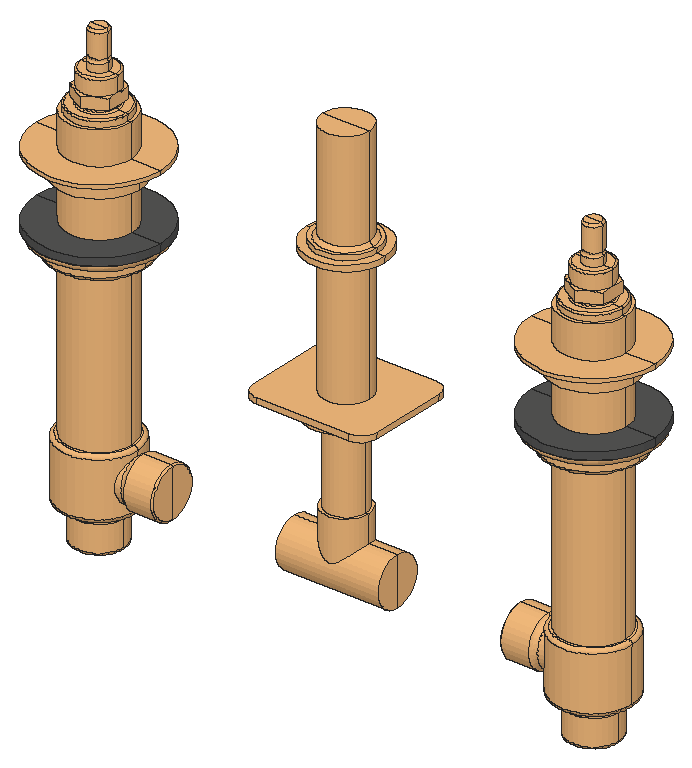
Revit family "Bath-Valves_and_Controls-KOHLER-K-300", category Plumbing Fixtures, host Face, Revit 2015
Parameters (values of type "OD Supplied By Installer")
  Width = 8"  # constant formula
  Waste Water Outlet = "Waste Water Outlet"  # constant formula
  Waste Connection = 1 = 0  # no
  Vent Connection = 1 = 0  # no
  URL = "https://www.us.kohler.com/us/"
  Type = 1
  Rigid Connections = Type = 2  # no
  Product Page URL = "http://www.us.kohler.com/us/catalog/productDetails.jsp?productNumber=300-K"
  Product Name = "High Flow"  # constant formula
  Product Documentation Link = "https://www.us.kohler.com/webassets/kpna/catalog/pdf/en/K-300-K_spec.pdf"
  Pressure = 0.00 psi
  Model = if(Type = 1, "K-300-K-NA", if(Type = 2, "K-300-KR-NA", "NA"))  # "K-300-K-NA"
  Material = "Brass construction"  # constant formula
  MasterFormat 2004 = "22.11.00"  # constant formula
  MasterFormat 1995 = "154300"  # constant formula
  Manufacturer Address = "444 Highland Dr, Kohler, WI 53044"  # constant formula
  Manufacturer = "KOHLER Co."  # constant formula
  Length = 7 7/16"  # constant formula
  Hot Water Inlet = "Hot Water Inlet"  # constant formula
  Height = 2"  # constant formula
  HW Connection = 1 = 1  # yes
  Flow Rate = if(Type = 1, 17 GPM, 0 GPM)  # 17 GPM
  Finish = Kohler-Metal-Brass
  Environmental Product Declaration = ""
  Description = if(Type = 1, "½ Inch ceramic high-flow valve system", if(Type = 2, "½ Inch ceramic high-flow valve with rigid connections", "NA"))  # "½ Inch ceramic high-flow valve system"
  Default Elevation = 36"
  Declare Label = ""
  Date Modified = "01/22/2019"  # constant formula
  Date Created = "01/22/2019"  # constant formula
  Copyright = "Copyright KOHLER Co."  # constant formula
  Contact Us = "https://www.us.kohler.com/us/static/contact.jsp"
  Cold Water Inlet = "Cold Water Inlet"  # constant formula
  CW Connection = 1 = 1  # yes
  Assembly Code = "D2020"
  ADA Compliant = 1 = 0  # no
Reference planes (in)
  plane 1 "Center (Front/Back)": y = 0
  plane 2: z = 0
  plane 3 "Center (Left/Right)": x = 0
  plane 4: x = 4
  plane 5: x = -4
  plane 6: y = 1
  plane 7: y = -1
  plane 8: z = -5.625
  plane 9: z = -1
  plane 10: z = 1.8125
Forms (in)
  Extrusion 1, void
    sketch origin (0, 0, 0) x (1, 0, 0) y (0, 1, 0)
      loop
        circle (0, 0) r 0.44867
      loop
        circle (-4, 0) r 0.69389
      loop
        circle (4, 0) r 0.69531
    from -0.24597 to 0.31144
  Extrusion 2, void
    sketch origin (0, 0, 0) x (1, 0, 0) y (0, 1, 0)
      loop
        circle (-4, 0) r 1.2832
      loop
        circle (4, 0) r 1.2832
      loop
        line (0.75781, 1.00781) -> (-0.75781, 1.00781)
        arc (-0.75781, 1.00781) -> (-0.93459, 0.93459) -> (-1.00781, 0.75781) r 0.25
        line (-1.00781, 0.75781) -> (-1.00781, -0.76563)
        arc (-1.00781, -0.76563) -> (-0.93459, -0.9424) -> (-0.75781, -1.01563) r 0.25
        line (-0.75781, -1.01563) -> (0.75781, -1.01563)
        arc (0.75781, -1.01563) -> (0.93459, -0.9424) -> (1.00781, -0.76562) r 0.25
        line (1.00781, -0.76562) -> (1.00781, 0.75781)
        arc (1.00781, 0.75781) -> (0.93459, 0.93459) -> (0.75781, 1.00781) r 0.25
    from -5.578 to -0.22175
  Extrusion 3, void
    sketch origin (0, 0, 0) x (0, 1, 0) y (0, 0, 1)
      loop
        circle (0, -4.589) r 0.4197
    from -4.99706 to 5.05336
Dimensions and locks (in)
  plane 2 to plane 9 = 1"
  equal spacing: plane 6, plane 1 "Center (Front/Back)", plane 7
  "Width": plane 4 to plane 5
  equal spacing: plane 4, plane 3 "Center (Left/Right)", plane 5
  plane 9 to plane 2 = 1"
  locked: plane 10 to plane 2 at 1.8125
  "Length": plane 10 to plane 8
  "Height": plane 6 to plane 7
  aligned and locked: plane 2 to host face
  aligned and locked: level to host face
Automatic sketch dimensions
  host sketch curve to host sketch curve = 96"  (x2)
  plane 1 "Center (Front/Back)" to Extrusion 2 sketch curve = 0"  (x2)
  Extrusion 2 sketch curve to plane 5 = 0"
  Extrusion 2 sketch curve to plane 4 = 0"
  Extrusion 2 sketch curve to plane 3 "Center (Left/Right)" = 1 1/128"
  Extrusion 2 sketch curve to Extrusion 2 sketch curve = 1/4"  (x3)
  plane 3 "Center (Left/Right)" to Extrusion 2 sketch curve = 97/128"  (x2)
  plane 1 "Center (Front/Back)" to Extrusion 2 sketch curve = 49/64"
  Extrusion 2 sketch curve to plane 1 "Center (Front/Back)" = 97/128"
  Extrusion 3 sketch curve to plane 1 "Center (Front/Back)" = 0"
  plane 8 to Extrusion 3 sketch curve = 1.036"
  plane 1 "Center (Front/Back)" to Extrusion 1 sketch curve = 0"  (x3)
  Extrusion 1 sketch curve to plane 5 = 0"
  Extrusion 1 sketch curve to plane 3 "Center (Left/Right)" = 0"
  Extrusion 1 sketch curve to plane 4 = 0"
  radius of Extrusion 2 sketch curve = 1.2832"  (x2)
  radius of Extrusion 3 sketch curve = 0.4197"
  radius of Extrusion 1 sketch curve = 0.44867"
  radius of Extrusion 1 sketch curve = 0.69389"
  radius of Extrusion 1 sketch curve = 89/128"
Nested families (in)
  nested 1: "K-300" at (0, 0, -5.578), type "K-300"
Connectors (in)
  piping at (-4, 0, -5.60607), diameter 0.625, driven by "Flow Rate", driven by "HW Connection", driven by "Hot Water Inlet"
    settings: on nested 1, index 1, connector inside diameter 24", connector length 0", flow factor 0, pipe flow 17 GPM, pressure drop 0.00 psi, fitting loss kfactor 0, connector angle 0.00°, fixture units 0, engagement length 0", angle of deflection 0.00°, flow configuration 1, flow direction 1, fitting loss method 0, system type 19, joint type 0, gender type 0, connector reference index -1, connector utility 1, adjustable connector no, is connector primary yes, connector description "Hot Water Inlet"
  piping at (4, 0, -5.60607), diameter 0.625, driven by "Flow Rate", driven by "CW Connection", driven by "Cold Water Inlet"
    settings: on nested 1, index 2, connector inside diameter 24", connector length 0", flow factor 0, pipe flow 17 GPM, pressure drop 0.00 psi, fitting loss kfactor 0, connector angle 0.00°, fixture units 0, engagement length 0", angle of deflection 0.00°, flow configuration 1, flow direction 1, fitting loss method 0, system type 20, joint type 0, gender type 0, connector reference index -1, connector utility 1, adjustable connector no, is connector primary no, connector description "Cold Water Inlet"
Definition of nested family "K-300"
  Parameters (values of type "K-300")
    Valve Material = none
    Rigid Connections = yes
  Reference planes (in)
    plane 1 "Center (Front/Back)": y = 0
    plane 2: z = 0
    plane 3 "Center (Left/Right)": x = 0
    plane 4: x = 4
    plane 5: x = -4
    plane 6: y = 1
    plane 7: z = 7.3905
    plane 8: z = 5.578
    plane 9: z = 2.61
    plane 10: z = 4.578
    plane 11: x = -0.63
    plane 12: x = 0.63
    plane 13: z = -0.0595
    plane 14: y = -1
  Forms (in)
    Revolve 1, solid, material <- "Valve Material", detail levels medium+fine
      sketch origin (0, 0, -0.00891) x (1, 0, 0) y (0, 0, 1)
        loop
          line (-3.80997, 1.036) -> (-2.807, 1.036) -> (-2.807, 1.4163) -> (-2.8317, 1.441) -> (-3.27287, 1.441)
          arc (-3.27287, 1.441) -> (-3.31349, 1.40038) -> (-3.36897, 1.38551) r 0.11097
          line (-3.36897, 1.38551) -> (-3.80997, 1.38551) -> (-3.80997, 1.036)
        loop
          line (-0.83, 1.036) -> (0.83, 1.036) -> (0.83, 1.42225) -> (-0.83, 1.42225) -> (-0.83, 1.036)
        loop
          line (3.80997, 1.38551) -> (3.36897, 1.38551)
          arc (3.36897, 1.38551) -> (3.31349, 1.40038) -> (3.27287, 1.441) r 0.11097
          line (3.27287, 1.441) -> (2.8317, 1.441) -> (2.807, 1.4163) -> (2.807, 1.036) -> (3.80997, 1.036) -> (3.80997, 1.38551)
        axis (-3.80997, 1.036) -> (3.80997, 1.036)
      angle from 0 to 360
    Extrusion 2, solid, material <- "Valve Material"
      sketch origin (0, 0.125, 0) x (1, 0, 0) y (0, 1, 0)
        loop
          line (1, -0.75) -> (1, 0.5)
          arc (1, 0.5) -> (0.92678, 0.67678) -> (0.75, 0.75) r 0.25
          line (0.75, 0.75) -> (-0.75, 0.75)
          arc (-0.75, 0.75) -> (-0.92678, 0.67678) -> (-1, 0.5) r 0.25
          line (-1, 0.5) -> (-1, -0.75)
          arc (-1, -0.75) -> (-0.92678, -0.92678) -> (-0.75, -1) r 0.25
          line (-0.75, -1) -> (0.75, -1)
          arc (0.75, -1) -> (0.92678, -0.92678) -> (1, -0.75) r 0.25
      from 3.427 to 3.517
    Extrusion 3, void
      sketch origin (0, 0, 0) x (1, 0, 0) y (0, 1, 0)
        loop
          line (-4.3225, 0.1862) -> (-4.3225, -0.1862) -> (-4, -0.37239) -> (-3.6775, -0.1862) -> (-3.6775, 0.1862) -> (-4, 0.37239) -> (-4.3225, 0.1862)
        loop
          circle (4, 0) r 0.46962
        loop
          circle (-4, 0) r 0.46962
        loop
          line (4.3225, 0.1862) -> (4, 0.37239) -> (3.6775, 0.1862) -> (3.6775, -0.1862) -> (4, -0.37239) -> (4.3225, -0.1862) -> (4.3225, 0.1862)
      from 6.29486 to 6.61544
    Revolve 4, solid, detail levels medium+fine
      sketch origin (0, 0, 0) x (-1, 0, 0) y (0, 0, 1)
        loop
          line (-5.00007, 4.578) -> (-5.00007, 4.4583) -> (-4, 4.4583) -> (-4, 4.578) -> (-5.00007, 4.578)
        axis (-4, 4.578) -> (-4, 4.4583)
      angle from 0 to 360
    Revolve 5, solid, material <- "Valve Material", detail levels medium+fine
      sketch origin (0, 0, 0) x (-1, 0, 0) y (0, 0, 1)
        loop
          line (-4, -0.02807) -> (-4, 7.3905) -> (-4.125, 7.3905) -> (-4.14948, 7.3481) -> (-4.14948, 6.97497)
          arc (-4.14948, 6.97497) -> (-4.13863, 6.93887) -> (-4.15874, 6.907) r 0.04546
          line (-4.15874, 6.907) -> (-4.15874, 6.7875) -> (-4.28166, 6.7875)
          arc (-4.28166, 6.7875) -> (-4.29966, 6.78005) -> (-4.30711, 6.76205) r 0.02545
          line (-4.30711, 6.76205) -> (-4.30711, 6.53299)
          arc (-4.30711, 6.53299) -> (-4.36076, 6.52422) -> (-4.41296, 6.50903) r 0.44919
          line (-4.41296, 6.50903) -> (-4.41296, 6.35829) -> (-4.29494, 6.34171) -> (-4.29494, 6.30004)
          arc (-4.29494, 6.30004) -> (-4.30125, 6.28481) -> (-4.31648, 6.2785) r 0.02154
          line (-4.31648, 6.2785) -> (-4.4482, 6.2785)
          arc (-4.4482, 6.2785) -> (-4.46245, 6.2726) -> (-4.46835, 6.25834) r 0.02016
          line (-4.46835, 6.25834) -> (-4.46835, 6.1685) -> (-4.52745, 6.1685) -> (-4.52745, 5.638) -> (-5, 5.638) -> (-5, 5.578) -> (-4.69548, 5.578)
          arc (-4.69548, 5.578) -> (-4.6678, 5.56653) -> (-4.65633, 5.53885) r 0.03915
          line (-4.65633, 5.53885) -> (-4.65633, 5.238) -> (-4.52745, 5.238) -> (-4.52745, 4.458) -> (-4.92397, 4.458) -> (-4.93796, 4.428) -> (-4.97, 4.428)
          arc (-4.97, 4.428) -> (-4.94429, 4.36455) -> (-4.88111, 4.3382) r 0.08889
          line (-4.88111, 4.3382) -> (-4.77972, 4.3382)
          arc (-4.77972, 4.3382) -> (-4.76191, 4.33082) -> (-4.75454, 4.31301) r 0.02519
          line (-4.75454, 4.31301) -> (-4.75454, 4.14415)
          arc (-4.75454, 4.14415) -> (-4.74688, 4.12566) -> (-4.72838, 4.118) r 0.02615
          line (-4.72838, 4.118) -> (-4.52814, 4.118) -> (-4.52814, 1.49697) -> (-4.56609, 1.49697)
          arc (-4.56609, 1.49697) -> (-4.60774, 1.47971) -> (-4.625, 1.43806) r 0.0589
          line (-4.625, 1.43806) -> (-4.625, 0.57613)
          arc (-4.625, 0.57613) -> (-4.60552, 0.53362) -> (-4.56062, 0.52061) r 0.05613
          arc (-4.56062, 0.52061) -> (-4.45175, 0.48906) -> (-4.40454, 0.38601) r 0.13608
          line (-4.40454, 0.38601) -> (-4.40454, -0.03805)
          arc (-4.40454, -0.03805) -> (-4.39826, -0.05322) -> (-4.38309, -0.0595) r 0.02145
          line (-4.38309, -0.0595) -> (-4.27476, -0.0595) -> (-4.27476, -0.02807) -> (-4, -0.02807)
        axis (-4, 7.3905) -> (-4, -0.0595)
      angle from 0 to 360
    Revolve 6, solid, material <- "Valve Material", detail levels coarse
      sketch origin (0, 0, 0) x (1, 0, 0) y (0, 0, 1)
        loop
          line (0, 7.3905) -> (0, 0.96037) -> (0.43445, 0.96037) -> (0.43445, 3.1882) -> (0.61411, 3.1882) -> (0.61411, 3.427) -> (0.43445, 3.427) -> (0.43445, 5.578) -> (0.63, 5.578) -> (0.63, 5.80359) -> (0.37501, 5.80359) -> (0.37501, 7.3905) -> (0, 7.3905)
        axis (0, 7.3905) -> (0, 0.96037)
      angle from 0 to 360
    Revolve 7, solid, material <- "Valve Material", detail levels coarse
      sketch origin (0, 0, -0.00903) x (1, 0, 0) y (0, 0, 1)
        loop
          line (-3.6775, 1.036) -> (-2.807, 1.036) -> (-2.807, 1.44224) -> (-3.6775, 1.44224) -> (-3.6775, 1.036)
        loop
          line (3.6775, 1.44224) -> (2.807, 1.44224) -> (2.807, 1.036) -> (3.6775, 1.036) -> (3.6775, 1.44224)
        loop
          line (0.83, 1.036) -> (0.83, 1.44224) -> (0.0725, 1.44224) -> (-0.83, 1.44224) -> (-0.83, 1.036) -> (-0.02017, 1.036) -> (0.83, 1.036)
        axis (-3.6775, 1.036) -> (3.6775, 1.036)
      angle from 0 to 360
    Revolve 8, solid, material <- "Valve Material", detail levels medium+fine
      sketch origin (0, 0, 0) x (1, 0, 0) y (0, 0, 1)
        loop
          line (0, 7.3905) -> (0, 0.93306) -> (0.36, 0.93306) -> (0.36, 1.837) -> (0.3125, 1.837) -> (0.3125, 3.1882) -> (0.61351, 3.1882) -> (0.61351, 3.427) -> (0.375, 3.427) -> (0.375, 5.578) -> (0.63, 5.578) -> (0.63, 5.668) -> (0.5, 5.668) -> (0.5, 5.743) -> (0.43585, 5.743) -> (0.375, 5.80385) -> (0.375, 7.3905) -> (0, 7.3905)
        axis (0, 7.3905) -> (0, 0.93306)
      angle from 0 to 360
    Revolve 9, solid, detail levels medium+fine
      sketch origin (0, 0, 0) x (1, 0, 0) y (0, 0, 1)
        loop
          line (-5.00007, 4.578) -> (-5.00007, 4.4583) -> (-4, 4.4583) -> (-4, 4.578) -> (-5.00007, 4.578)
        axis (-4, 4.578) -> (-4, 4.4583)
      angle from 0 to 360
    Revolve 10, solid, material <- "Valve Material", detail levels medium+fine
      sketch origin (0, 0, 0) x (1, 0, 0) y (0, 0, 1)
        loop
          line (-4, -0.02807) -> (-4, 7.3905) -> (-4.125, 7.3905) -> (-4.14948, 7.3481) -> (-4.14948, 6.97497)
          arc (-4.14948, 6.97497) -> (-4.13863, 6.93887) -> (-4.15874, 6.907) r 0.04546
          line (-4.15874, 6.907) -> (-4.15874, 6.7875) -> (-4.28166, 6.7875)
          arc (-4.28166, 6.7875) -> (-4.29966, 6.78005) -> (-4.30711, 6.76205) r 0.02545
          line (-4.30711, 6.76205) -> (-4.30711, 6.53299)
          arc (-4.30711, 6.53299) -> (-4.36076, 6.52422) -> (-4.41296, 6.50903) r 0.44919
          line (-4.41296, 6.50903) -> (-4.41296, 6.35829) -> (-4.29494, 6.34171) -> (-4.29494, 6.30004)
          arc (-4.29494, 6.30004) -> (-4.30125, 6.28481) -> (-4.31648, 6.2785) r 0.02154
          line (-4.31648, 6.2785) -> (-4.4482, 6.2785)
          arc (-4.4482, 6.2785) -> (-4.46245, 6.2726) -> (-4.46835, 6.25834) r 0.02016
          line (-4.46835, 6.25834) -> (-4.46835, 6.1685) -> (-4.52745, 6.1685) -> (-4.52745, 5.638) -> (-5, 5.638) -> (-5, 5.578) -> (-4.69548, 5.578)
          arc (-4.69548, 5.578) -> (-4.6678, 5.56653) -> (-4.65633, 5.53885) r 0.03915
          line (-4.65633, 5.53885) -> (-4.65633, 5.238) -> (-4.52745, 5.238) -> (-4.52745, 4.458) -> (-4.92397, 4.458) -> (-4.93796, 4.428) -> (-4.97, 4.428)
          arc (-4.97, 4.428) -> (-4.94429, 4.36455) -> (-4.88111, 4.3382) r 0.08889
          line (-4.88111, 4.3382) -> (-4.77972, 4.3382)
          arc (-4.77972, 4.3382) -> (-4.76191, 4.33082) -> (-4.75454, 4.31301) r 0.02519
          line (-4.75454, 4.31301) -> (-4.75454, 4.14415)
          arc (-4.75454, 4.14415) -> (-4.74688, 4.12566) -> (-4.72838, 4.118) r 0.02615
          line (-4.72838, 4.118) -> (-4.52814, 4.118) -> (-4.52814, 1.49697) -> (-4.56609, 1.49697)
          arc (-4.56609, 1.49697) -> (-4.60774, 1.47971) -> (-4.625, 1.43806) r 0.0589
          line (-4.625, 1.43806) -> (-4.625, 0.57613)
          arc (-4.625, 0.57613) -> (-4.60552, 0.53362) -> (-4.56062, 0.52061) r 0.05613
          arc (-4.56062, 0.52061) -> (-4.45175, 0.48906) -> (-4.40454, 0.38601) r 0.13608
          line (-4.40454, 0.38601) -> (-4.40454, -0.03805)
          arc (-4.40454, -0.03805) -> (-4.39826, -0.05322) -> (-4.38309, -0.0595) r 0.02145
          line (-4.38309, -0.0595) -> (-4.27476, -0.0595) -> (-4.27476, -0.02807) -> (-4, -0.02807)
        axis (-4, 7.3905) -> (-4, -0.0595)
      angle from 0 to 360
    Revolve 11, solid, material <- "Valve Material", detail levels coarse
      sketch origin (0, 0, 0) x (1, 0, 0) y (0, 0, 1)
        loop
          line (4, 7.3905) -> (4, -0.0595) -> (4.62491, -0.0595) -> (4.62491, 1.49697) -> (4.52814, 1.49697) -> (4.52814, 4.11797) -> (5.00007, 4.11797) -> (5.00007, 4.578) -> (4.52814, 4.578) -> (4.52814, 5.578) -> (5, 5.578) -> (5, 5.638) -> (4.52745, 5.638) -> (4.52745, 6.1685) -> (4.3225, 6.1685) -> (4.3225, 6.78965) -> (4.14948, 6.78965) -> (4.14948, 7.3905) -> (4, 7.3905)
        axis (4, 7.3905) -> (4, -0.0595)
      angle from 0 to 360
    Revolve 12, solid, material <- "Valve Material", detail levels coarse
      sketch origin (0, 0, 0) x (-1, 0, 0) y (0, 0, 1)
        loop
          line (4, 7.3905) -> (4, -0.0595) -> (4.62491, -0.0595) -> (4.62491, 1.49697) -> (4.52814, 1.49697) -> (4.52814, 4.11797) -> (5.00007, 4.11797) -> (5.00007, 4.578) -> (4.52814, 4.578) -> (4.52814, 5.578) -> (5, 5.578) -> (5, 5.638) -> (4.52745, 5.638) -> (4.52745, 6.1685) -> (4.3225, 6.1685) -> (4.3225, 6.78965) -> (4.14948, 6.78965) -> (4.14948, 7.3905) -> (4, 7.3905)
        axis (4, 7.3905) -> (4, -0.0595)
      angle from 0 to 360
    Revolve 13, solid, material <- "Valve Material", visible <- "Rigid Connections"
      sketch origin (0, 0, 0) x (1, 0, 0) y (0, 0, 1)
        loop
          line (-2.807, 1.02709) -> (2.807, 1.02709) -> (2.807, 1.3395) -> (-2.807, 1.3395) -> (-2.807, 1.02709)
        axis (-2.807, 1.02709) -> (2.807, 1.02709)
      angle from 0 to 360
  Cuts and joins
    Extrusion 3 cuts Revolve 5
    joined: Revolve 5, Revolve 8
    joined: Revolve 6, Revolve 7, Revolve 11, Revolve 12
    Extrusion 3 cuts Revolve 10
  Lines and regions (in)
    Masking region 1
      outline origin (0, 0, 0) x (1, 0, 0) y (0, 1, 0)
        loop
          circle (-4, 0) r 1
        loop
          circle (4, 0) r 1
        loop
          circle (0, 0) r 0.63
    Masking region 2, detail levels medium+fine
      outline origin (0, 0, 0) x (1, 0, 0) y (0, 0, 1)
        loop
          line (4, 7.3905) -> (3.875, 7.3905) -> (3.85052, 7.3481) -> (3.85052, 6.97497)
          arc (3.85052, 6.97497) -> (3.86137, 6.93887) -> (3.84126, 6.907) r 0.04546
          line (3.84126, 6.907) -> (3.84126, 6.7875) -> (3.71834, 6.7875)
          arc (3.71834, 6.7875) -> (3.70034, 6.78005) -> (3.69289, 6.76205) r 0.02545
          line (3.69289, 6.76205) -> (3.69289, 6.53299)
          arc (3.69289, 6.53299) -> (3.63924, 6.52422) -> (3.58704, 6.50903) r 0.44919
          line (3.58704, 6.50903) -> (3.58704, 6.35829) -> (3.70506, 6.34171) -> (3.70506, 6.30004)
          arc (3.70506, 6.30004) -> (3.69875, 6.28481) -> (3.68352, 6.2785) r 0.02154
          line (3.68352, 6.2785) -> (3.5518, 6.2785)
          arc (3.5518, 6.2785) -> (3.53755, 6.2726) -> (3.53165, 6.25834) r 0.02016
          line (3.53165, 6.25834) -> (3.53165, 6.1685) -> (3.47255, 6.1685) -> (3.47255, 5.638) -> (3, 5.638) -> (3, 5.578) -> (3.30452, 5.578)
          arc (3.30452, 5.578) -> (3.3322, 5.56653) -> (3.34367, 5.53885) r 0.03915
          line (3.34367, 5.53885) -> (3.34367, 5.238) -> (3.47255, 5.238) -> (3.47255, 4.578) -> (2.99993, 4.578) -> (2.99993, 4.458) -> (3.07603, 4.458) -> (3.06204, 4.428) -> (3.03, 4.428)
          arc (3.03, 4.428) -> (3.05571, 4.36455) -> (3.11889, 4.3382) r 0.08889
          line (3.11889, 4.3382) -> (3.22028, 4.3382)
          arc (3.22028, 4.3382) -> (3.23809, 4.33082) -> (3.24546, 4.31301) r 0.02519
          line (3.24546, 4.31301) -> (3.24546, 4.14415)
          arc (3.24546, 4.14415) -> (3.25312, 4.12566) -> (3.27162, 4.118) r 0.02615
          line (3.27162, 4.118) -> (3.47186, 4.118) -> (3.47186, 1.49697) -> (3.43391, 1.49697)
          arc (3.43391, 1.49697) -> (3.39226, 1.47971) -> (3.375, 1.43806) r 0.0589
          line (3.375, 1.43806) -> (3.375, 1.37676)
          arc (3.375, 1.37676) -> (3.31612, 1.39) -> (3.27287, 1.43209) r 0.11097
          line (3.27287, 1.43209) -> (2.8317, 1.43209) -> (2.807, 1.40739) -> (2.807, 0.64679) -> (2.8317, 0.62209) -> (3.27287, 0.62209)
          arc (3.27287, 0.62209) -> (3.31612, 0.66418) -> (3.375, 0.67741) r 0.11097
          line (3.375, 0.67741) -> (3.375, 0.57613)
          arc (3.375, 0.57613) -> (3.39183, 0.53606) -> (3.43222, 0.52001) r 0.05613
          arc (3.43222, 0.52001) -> (3.54745, 0.47422) -> (3.59546, 0.35988) r 0.16016
          line (3.59546, 0.35988) -> (3.59546, -0.03805)
          arc (3.59546, -0.03805) -> (3.60174, -0.05322) -> (3.61691, -0.0595) r 0.02145
          line (3.61691, -0.0595) -> (4.38309, -0.0595)
          arc (4.38309, -0.0595) -> (4.39826, -0.05322) -> (4.40454, -0.03805) r 0.02145
          line (4.40454, -0.03805) -> (4.40454, 0.35988)
          arc (4.40454, 0.35988) -> (4.45255, 0.47422) -> (4.56778, 0.52001) r 0.16016
          arc (4.56778, 0.52001) -> (4.60817, 0.53606) -> (4.625, 0.57613) r 0.05613
          line (4.625, 0.57613) -> (4.625, 1.43806)
          arc (4.625, 1.43806) -> (4.60774, 1.47971) -> (4.56609, 1.49697) r 0.0589
          line (4.56609, 1.49697) -> (4.52814, 1.49697) -> (4.52814, 4.118) -> (4.72838, 4.118)
          arc (4.72838, 4.118) -> (4.74688, 4.12566) -> (4.75454, 4.14415) r 0.02615
          line (4.75454, 4.14415) -> (4.75454, 4.31301)
          arc (4.75454, 4.31301) -> (4.76191, 4.33082) -> (4.77972, 4.3382) r 0.02519
          line (4.77972, 4.3382) -> (4.88111, 4.3382)
          arc (4.88111, 4.3382) -> (4.94429, 4.36455) -> (4.97, 4.428) r 0.08889
          line (4.97, 4.428) -> (4.93796, 4.428) -> (4.92397, 4.458) -> (5.00007, 4.458) -> (5.00007, 4.578) -> (4.52745, 4.578) -> (4.52745, 5.238) -> (4.65633, 5.238) -> (4.65633, 5.53885)
          arc (4.65633, 5.53885) -> (4.6678, 5.56653) -> (4.69548, 5.578) r 0.03915
          line (4.69548, 5.578) -> (5, 5.578) -> (5, 5.638) -> (4.52745, 5.638) -> (4.52745, 6.1685) -> (4.46835, 6.1685) -> (4.46835, 6.25834)
          arc (4.46835, 6.25834) -> (4.46245, 6.2726) -> (4.4482, 6.2785) r 0.02016
          line (4.4482, 6.2785) -> (4.31648, 6.2785)
          arc (4.31648, 6.2785) -> (4.30125, 6.28481) -> (4.29494, 6.30004) r 0.02154
          line (4.29494, 6.30004) -> (4.29494, 6.34171) -> (4.41296, 6.35829) -> (4.41296, 6.50903)
          arc (4.41296, 6.50903) -> (4.36076, 6.52422) -> (4.30711, 6.53299) r 0.44919
          line (4.30711, 6.53299) -> (4.30711, 6.76205)
          arc (4.30711, 6.76205) -> (4.29966, 6.78005) -> (4.28166, 6.7875) r 0.02545
          line (4.28166, 6.7875) -> (4.15874, 6.7875) -> (4.15874, 6.907)
          arc (4.15874, 6.907) -> (4.13863, 6.93887) -> (4.14948, 6.97497) r 0.04546
          line (4.14948, 6.97497) -> (4.14948, 7.3481) -> (4.125, 7.3905) -> (4, 7.3905)
        loop
          line (0.3125, 1.837) -> (0.3125, 3.1882) -> (0.61351, 3.1882) -> (0.61351, 3.427) -> (1, 3.427) -> (1, 3.517) -> (0.375, 3.517) -> (0.375, 5.578) -> (0.63, 5.578) -> (0.63, 5.668) -> (0.5, 5.668) -> (0.5, 5.743) -> (0.43585, 5.743) -> (0.375, 5.80385) -> (0.375, 7.3905) -> (-0.375, 7.3905) -> (-0.375, 5.80385) -> (-0.43585, 5.743) -> (-0.5, 5.743) -> (-0.5, 5.668) -> (-0.63, 5.668) -> (-0.63, 5.578) -> (-0.375, 5.578) -> (-0.375, 3.517) -> (-1, 3.517) -> (-1, 3.427) -> (-0.61351, 3.427) -> (-0.61351, 3.1882) -> (-0.3125, 3.1882) -> (-0.3125, 1.837) -> (-0.36, 1.837) -> (-0.36, 1.41334) -> (-0.83, 1.41334) -> (-0.83, 0.64084) -> (0.83, 0.64084) -> (0.83, 1.41334) -> (0.36, 1.41334) -> (0.36, 1.837) -> (0.3125, 1.837)
        loop
          line (-4, 7.3905) -> (-4.125, 7.3905) -> (-4.14948, 7.3481) -> (-4.14948, 6.97497)
          arc (-4.14948, 6.97497) -> (-4.13863, 6.93887) -> (-4.15874, 6.907) r 0.04546
          line (-4.15874, 6.907) -> (-4.15874, 6.7875) -> (-4.28166, 6.7875)
          arc (-4.28166, 6.7875) -> (-4.29966, 6.78005) -> (-4.30711, 6.76205) r 0.02545
          line (-4.30711, 6.76205) -> (-4.30711, 6.53299)
          arc (-4.30711, 6.53299) -> (-4.36076, 6.52422) -> (-4.41296, 6.50903) r 0.44919
          line (-4.41296, 6.50903) -> (-4.41296, 6.35829) -> (-4.29494, 6.34171) -> (-4.29494, 6.30004)
          arc (-4.29494, 6.30004) -> (-4.30125, 6.28481) -> (-4.31648, 6.2785) r 0.02154
          line (-4.31648, 6.2785) -> (-4.4482, 6.2785)
          arc (-4.4482, 6.2785) -> (-4.46245, 6.2726) -> (-4.46835, 6.25834) r 0.02016
          line (-4.46835, 6.25834) -> (-4.46835, 6.1685) -> (-4.52745, 6.1685) -> (-4.52745, 5.638) -> (-5, 5.638) -> (-5, 5.578) -> (-4.69548, 5.578)
          arc (-4.69548, 5.578) -> (-4.6678, 5.56653) -> (-4.65633, 5.53885) r 0.03915
          line (-4.65633, 5.53885) -> (-4.65633, 5.238) -> (-4.52745, 5.238) -> (-4.52745, 4.578) -> (-5.00007, 4.578) -> (-5.00007, 4.458) -> (-4.92397, 4.458) -> (-4.93796, 4.428) -> (-4.97, 4.428)
          arc (-4.97, 4.428) -> (-4.94429, 4.36455) -> (-4.88111, 4.3382) r 0.08889
          line (-4.88111, 4.3382) -> (-4.77972, 4.3382)
          arc (-4.77972, 4.3382) -> (-4.76191, 4.33082) -> (-4.75454, 4.31301) r 0.02519
          line (-4.75454, 4.31301) -> (-4.75454, 4.14415)
          arc (-4.75454, 4.14415) -> (-4.74688, 4.12566) -> (-4.72838, 4.118) r 0.02615
          line (-4.72838, 4.118) -> (-4.52814, 4.118) -> (-4.52814, 1.49697) -> (-4.56609, 1.49697)
          arc (-4.56609, 1.49697) -> (-4.60774, 1.47971) -> (-4.625, 1.43806) r 0.0589
          line (-4.625, 1.43806) -> (-4.625, 0.57613)
          arc (-4.625, 0.57613) -> (-4.60819, 0.53608) -> (-4.56784, 0.52001) r 0.05613
          arc (-4.56784, 0.52001) -> (-4.45255, 0.4741) -> (-4.40454, 0.35968) r 0.16035
          line (-4.40454, 0.35968) -> (-4.40454, -0.03805)
          arc (-4.40454, -0.03805) -> (-4.39826, -0.05322) -> (-4.38309, -0.0595) r 0.02145
          line (-4.38309, -0.0595) -> (-3.61691, -0.0595)
          arc (-3.61691, -0.0595) -> (-3.60174, -0.05322) -> (-3.59546, -0.03805) r 0.02145
          line (-3.59546, -0.03805) -> (-3.59546, 0.35988)
          arc (-3.59546, 0.35988) -> (-3.54745, 0.47422) -> (-3.43222, 0.52001) r 0.16016
          arc (-3.43222, 0.52001) -> (-3.39183, 0.53606) -> (-3.375, 0.57613) r 0.05613
          line (-3.375, 0.57613) -> (-3.375, 0.67741)
          arc (-3.375, 0.67741) -> (-3.31612, 0.66418) -> (-3.27287, 0.62209) r 0.11097
          line (-3.27287, 0.62209) -> (-2.8317, 0.62209) -> (-2.807, 0.64679) -> (-2.807, 1.40739) -> (-2.8317, 1.43209) -> (-3.27287, 1.43209)
          arc (-3.27287, 1.43209) -> (-3.31612, 1.39) -> (-3.375, 1.37676) r 0.11097
          line (-3.375, 1.37676) -> (-3.375, 1.43806)
          arc (-3.375, 1.43806) -> (-3.39226, 1.47971) -> (-3.43391, 1.49697) r 0.0589
          line (-3.43391, 1.49697) -> (-3.47186, 1.49697) -> (-3.47186, 4.118) -> (-3.27162, 4.118)
          arc (-3.27162, 4.118) -> (-3.25312, 4.12566) -> (-3.24546, 4.14415) r 0.02615
          line (-3.24546, 4.14415) -> (-3.24546, 4.31301)
          arc (-3.24546, 4.31301) -> (-3.23809, 4.33082) -> (-3.22028, 4.3382) r 0.02519
          line (-3.22028, 4.3382) -> (-3.11889, 4.3382)
          arc (-3.11889, 4.3382) -> (-3.05571, 4.36455) -> (-3.03, 4.428) r 0.08889
          line (-3.03, 4.428) -> (-3.06204, 4.428) -> (-3.07603, 4.458) -> (-2.99993, 4.458) -> (-2.99993, 4.578) -> (-3.47255, 4.578) -> (-3.47255, 5.238) -> (-3.34367, 5.238) -> (-3.34367, 5.53885)
          arc (-3.34367, 5.53885) -> (-3.3322, 5.56653) -> (-3.30452, 5.578) r 0.03915
          line (-3.30452, 5.578) -> (-3, 5.578) -> (-3, 5.638) -> (-3.47255, 5.638) -> (-3.47255, 6.1685) -> (-3.53165, 6.1685) -> (-3.53165, 6.25834)
          arc (-3.53165, 6.25834) -> (-3.53755, 6.2726) -> (-3.5518, 6.2785) r 0.02016
          line (-3.5518, 6.2785) -> (-3.68352, 6.2785)
          arc (-3.68352, 6.2785) -> (-3.69875, 6.28481) -> (-3.70506, 6.30004) r 0.02154
          line (-3.70506, 6.30004) -> (-3.70506, 6.34171) -> (-3.58704, 6.35829) -> (-3.58704, 6.50903)
          arc (-3.58704, 6.50903) -> (-3.63924, 6.52422) -> (-3.69289, 6.53299) r 0.44919
          line (-3.69289, 6.53299) -> (-3.69289, 6.76205)
          arc (-3.69289, 6.76205) -> (-3.70034, 6.78005) -> (-3.71834, 6.7875) r 0.02545
          line (-3.71834, 6.7875) -> (-3.84126, 6.7875) -> (-3.84126, 6.907)
          arc (-3.84126, 6.907) -> (-3.86137, 6.93887) -> (-3.85052, 6.97497) r 0.04546
          line (-3.85052, 6.97497) -> (-3.85052, 7.3481) -> (-3.875, 7.3905) -> (-4, 7.3905)
    Masking region 3
      outline origin (0, 0, 0) x (0, 1, 0) y (0, 0, 1)
        loop
          arc (0.41296, 6.50903) -> (0.39411, 6.51531) -> (0.375, 6.52075) r 0.44919
          line (0.375, 6.52075) -> (0.375, 7.3905) -> (-0.375, 7.3905) -> (-0.375, 6.52075)
          arc (-0.375, 6.52075) -> (-0.39411, 6.51531) -> (-0.41296, 6.50903) r 0.44919
          line (-0.41296, 6.50903) -> (-0.41296, 6.35829) -> (-0.29494, 6.34171) -> (-0.29494, 6.30004)
          arc (-0.29494, 6.30004) -> (-0.30125, 6.28481) -> (-0.31648, 6.2785) r 0.02154
          line (-0.31648, 6.2785) -> (-0.4482, 6.2785)
          arc (-0.4482, 6.2785) -> (-0.46245, 6.2726) -> (-0.46835, 6.25834) r 0.02016
          line (-0.46835, 6.25834) -> (-0.46835, 6.1685) -> (-0.52745, 6.1685) -> (-0.52745, 5.638) -> (-1, 5.638) -> (-1, 5.578) -> (-0.69548, 5.578)
          arc (-0.69548, 5.578) -> (-0.6678, 5.56653) -> (-0.65633, 5.53885) r 0.03915
          line (-0.65633, 5.53885) -> (-0.65633, 5.238) -> (-0.52745, 5.238) -> (-0.52745, 4.578) -> (-1.00007, 4.578) -> (-1.00007, 4.458) -> (-0.92397, 4.458) -> (-0.93796, 4.428) -> (-0.97, 4.428)
          arc (-0.97, 4.428) -> (-0.94429, 4.36455) -> (-0.88111, 4.3382) r 0.08889
          line (-0.88111, 4.3382) -> (-0.77972, 4.3382)
          arc (-0.77972, 4.3382) -> (-0.76191, 4.33082) -> (-0.75454, 4.31301) r 0.02519
          line (-0.75454, 4.31301) -> (-0.75454, 4.14415)
          arc (-0.75454, 4.14415) -> (-0.74688, 4.12566) -> (-0.72838, 4.118) r 0.02615
          line (-0.72838, 4.118) -> (-0.52814, 4.118) -> (-0.52814, 3.517) -> (-0.875, 3.517) -> (-0.875, 3.427) -> (-0.61351, 3.427) -> (-0.61351, 3.1882) -> (-0.52814, 3.1882) -> (-0.52814, 1.49697) -> (-0.56609, 1.49697)
          arc (-0.56609, 1.49697) -> (-0.60774, 1.47971) -> (-0.625, 1.43806) r 0.0589
          line (-0.625, 1.43806) -> (-0.625, 0.57613)
          arc (-0.625, 0.57613) -> (-0.60817, 0.53606) -> (-0.56778, 0.52001) r 0.05613
          arc (-0.56778, 0.52001) -> (-0.45255, 0.47422) -> (-0.40454, 0.35988) r 0.16016
          line (-0.40454, 0.35988) -> (-0.40454, -0.03805)
          arc (-0.40454, -0.03805) -> (-0.39826, -0.05322) -> (-0.38309, -0.0595) r 0.02145
          line (-0.38309, -0.0595) -> (0.38309, -0.0595)
          arc (0.38309, -0.0595) -> (0.39826, -0.05322) -> (0.40454, -0.03805) r 0.02145
          line (0.40454, -0.03805) -> (0.40454, 0.35988)
          arc (0.40454, 0.35988) -> (0.45255, 0.47422) -> (0.56778, 0.52001) r 0.16016
          arc (0.56778, 0.52001) -> (0.60817, 0.53606) -> (0.625, 0.57613) r 0.05613
          line (0.625, 0.57613) -> (0.625, 1.43806)
          arc (0.625, 1.43806) -> (0.60774, 1.47971) -> (0.56609, 1.49697) r 0.0589
          line (0.56609, 1.49697) -> (0.52814, 1.49697) -> (0.52814, 3.1882) -> (0.61351, 3.1882) -> (0.61351, 3.427) -> (0.875, 3.427) -> (0.875, 3.517) -> (0.52814, 3.517) -> (0.52814, 4.118) -> (0.72838, 4.118)
          arc (0.72838, 4.118) -> (0.74688, 4.12566) -> (0.75454, 4.14415) r 0.02615
          line (0.75454, 4.14415) -> (0.75454, 4.31301)
          arc (0.75454, 4.31301) -> (0.76191, 4.33082) -> (0.77972, 4.3382) r 0.02519
          line (0.77972, 4.3382) -> (0.88111, 4.3382)
          arc (0.88111, 4.3382) -> (0.94429, 4.36455) -> (0.97, 4.428) r 0.08889
          line (0.97, 4.428) -> (0.93796, 4.428) -> (0.92397, 4.458) -> (1.00007, 4.458) -> (1.00007, 4.578) -> (0.52745, 4.578) -> (0.52745, 5.238) -> (0.65633, 5.238) -> (0.65633, 5.53885)
          arc (0.65633, 5.53885) -> (0.6678, 5.56653) -> (0.69548, 5.578) r 0.03915
          line (0.69548, 5.578) -> (1, 5.578) -> (1, 5.638) -> (0.52745, 5.638) -> (0.52745, 6.1685) -> (0.46835, 6.1685) -> (0.46835, 6.25834)
          arc (0.46835, 6.25834) -> (0.46245, 6.2726) -> (0.4482, 6.2785) r 0.02016
          line (0.4482, 6.2785) -> (0.31648, 6.2785)
          arc (0.31648, 6.2785) -> (0.30125, 6.28481) -> (0.29494, 6.30004) r 0.02154
          line (0.29494, 6.30004) -> (0.29494, 6.34171) -> (0.41296, 6.35829) -> (0.41296, 6.50903)
    Masking region 4, visible <- "Rigid Connections", detail levels medium+fine
      outline origin (0, 0, 0) x (1, 0, 0) y (0, 0, 1)
        loop
          line (-2.807, 1.3395) -> (-2.807, 0.71468) -> (-0.83, 0.71468) -> (-0.83, 1.3395) -> (-2.807, 1.3395)
        loop
          line (2.807, 1.3395) -> (0.83, 1.3395) -> (0.83, 0.71468) -> (2.807, 0.71468) -> (2.807, 1.3395)
    symbolic lines, detail levels medium+fine
      curve 1: circle (4, 0, 0) r 0.38281 normal (0, 0, -1)
      curve 2: line (4, 0.37239, 0) -> (3.6775, 0.1862, 0)
      curve 3: line (3.6775, 0.1862, 0) -> (3.6775, -0.1862, 0)
      curve 4: line (3.6775, -0.1862, 0) -> (4, -0.37239, 0)
      curve 5: line (4, -0.37239, 0) -> (4.3225, -0.1862, 0)
      curve 6: line (4.3225, -0.1862, 0) -> (4.3225, 0.1862, 0)
      curve 7: line (4.3225, 0.1862, 0) -> (4, 0.37239, 0)
      curve 8: circle (4, 0, 0) r 0.14991 normal (0, 0, -1)
      curve 9: circle (4, 0, 0) r 0.125 normal (0, 0, -1)
      curve 10: circle (0, 0, 0) r 0.3125 normal (0, 0, 1)
      curve 11: circle (4, 0, 0) r 0.52745 normal (0, 0, 1)
      curve 12: circle (4, 0, 0) r 0.57861 normal (0, 0, 1)
      curve 13: circle (-4, 0, 0) r 0.38281 normal (0, 0, 1)
      curve 14: line (-4, 0.37239, 0) -> (-3.6775, 0.1862, 0)
      curve 15: line (-3.6775, 0.1862, 0) -> (-3.6775, -0.1862, 0)
      curve 16: line (-3.6775, -0.1862, 0) -> (-4, -0.37239, 0)
      curve 17: line (-4, -0.37239, 0) -> (-4.3225, -0.1862, 0)
      curve 18: line (-4.3225, -0.1862, 0) -> (-4.3225, 0.1862, 0)
      curve 19: line (-4.3225, 0.1862, 0) -> (-4, 0.37239, 0)
      curve 20: circle (-4, 0, 0) r 0.14991 normal (0, 0, 1)
      curve 21: circle (-4, 0, 0) r 0.125 normal (0, 0, 1)
      curve 22: circle (-4, 0, 0) r 0.52745 normal (0, 0, -1)
      curve 23: circle (-4, 0, 0) r 0.57861 normal (0, 0, -1)
      curve 24: circle (0, 0, 0) r 0.37501 normal (0, 0, 1)
      curve 25: circle (0, 0, 0) r 0.43445 normal (0, 0, 1)
      curve 26: line (-4.14948, 0, 7.3481) -> (-3.85052, 0, 7.3481)
      curve 27: line (-4.14948, 0, 6.97497) -> (-3.85052, 0, 6.97497)
      curve 28: line (-4.15874, 0, 6.907) -> (-3.84126, 0, 6.907)
      curve 29: line (-4.15874, 0, 6.7875) -> (-3.84126, 0, 6.7875)
      curve 30: line (-4.30711, 0, 6.53299) -> (-3.69289, 0, 6.53299)
      curve 31: line (-4.29494, 0, 6.34171) -> (-3.70506, 0, 6.34171)
      curve 32: line (-4.46835, 0, 6.1685) -> (-3.53165, 0, 6.1685)
      curve 33: line (-4.52745, 0, 5.638) -> (-3.47255, 0, 5.638)
      curve 34: line (-4.69548, 0, 5.578) -> (-3.30452, 0, 5.578)
      curve 35: line (-4.52745, 0, 4.57803) -> (-3.47255, 0, 4.57803)
      curve 36: line (-4.52745, 0, 5.238) -> (-3.47255, 0, 5.238)
      curve 37: line (-4.52814, 0, 4.11803) -> (-3.47186, 0, 4.11803)
      curve 38: line (-4.92397, 0, 4.458) -> (-3.07603, 0, 4.458)
      curve 39: line (-4.93796, 0, 4.428) -> (-3.06204, 0, 4.428)
      curve 40: line (-4.77972, 0, 4.33822) -> (-3.22028, 0, 4.33822)
      curve 41: line (-4.52814, 0, 1.49697) -> (-3.47186, 0, 1.49697)
      curve 42: line (-4.56784, 0, 0.52001) -> (-3.43222, 0, 0.52001)
      curve 43: line (-3.375, 0, 1.37676) -> (-3.375, 0, 0.67741)
      curve 44: line (3.43222, 0, 0.52001) -> (4.56778, 0, 0.52001)
      curve 45: line (3.375, 0, 0.67741) -> (3.375, 0, 1.37676)
      curve 46: line (3.47186, 0, 1.49697) -> (4.52814, 0, 1.49697)
      curve 47: line (4.14948, 0, 7.3481) -> (3.85052, 0, 7.3481)
      curve 48: line (4.14948, 0, 6.97497) -> (3.85052, 0, 6.97497)
      curve 49: line (4.15874, 0, 6.907) -> (3.84126, 0, 6.907)
      curve 50: line (4.15874, 0, 6.7875) -> (3.84126, 0, 6.7875)
      curve 51: line (4.30711, 0, 6.53299) -> (3.69289, 0, 6.53299)
      curve 52: line (4.29494, 0, 6.34171) -> (3.70506, 0, 6.34171)
      curve 53: line (4.46835, 0, 6.1685) -> (3.53165, 0, 6.1685)
      curve 54: line (4.52745, 0, 5.638) -> (3.47255, 0, 5.638)
      curve 55: line (4.69548, 0, 5.578) -> (3.30452, 0, 5.578)
      curve 56: line (4.52745, 0, 4.578) -> (3.47255, 0, 4.578)
      curve 57: line (4.52745, 0, 5.238) -> (3.47255, 0, 5.238)
      curve 58: line (4.52814, 0, 4.118) -> (3.47186, 0, 4.118)
      curve 59: line (4.92397, 0, 4.45797) -> (3.07603, 0, 4.45797)
      curve 60: line (4.93796, 0, 4.42797) -> (3.06204, 0, 4.42797)
      curve 61: line (4.77972, 0, 4.3382) -> (3.22028, 0, 4.3382)
      curve 62: line (-0.375, 0, 5.80385) -> (0.375, 0, 5.80385)
      curve 63: line (-0.43585, 0, 5.743) -> (0.43585, 0, 5.743)
      curve 64: line (-0.5, 0, 5.668) -> (0.5, 0, 5.668)
      curve 65: line (-0.375, 0, 5.578) -> (0.375, 0, 5.578)
      curve 66: line (-0.375, 0, 3.517) -> (0.375, 0, 3.517)
      curve 67: line (-0.61351, 0, 3.427) -> (0.61351, 0, 3.427)
      curve 68: line (0.3125, 0, 3.1882) -> (-0.3125, 0, 3.1882)
      curve 69: line (-0.3125, 0, 1.837) -> (0.3125, 0, 1.837)
      curve 70: line (-0.36, 0, 1.41334) -> (0.36, 0, 1.41334)
      curve 71: line (-3.27287, 0, 1.43209) -> (-3.27287, 0, 0.62209)
      curve 72: line (3.27287, 0, 1.43209) -> (3.27287, 0, 0.62209)
      curve 73: line (2.8317, 0, 1.43209) -> (2.8317, 0, 0.62209)
      curve 74: line (-2.8317, 0, 1.43209) -> (-2.8317, 0, 0.62209)
      curve 75: line (0, 0.14948, 6.97497) -> (0, 0.14948, 7.3481)
      curve 76: line (0, 0.14948, 7.3481) -> (0, 0.125, 7.3905)
      curve 77: line (0, -0.125, 7.3905) -> (0, -0.14948, 7.3481)
      curve 78: line (0, -0.14948, 7.3481) -> (0, -0.14948, 6.97497)
      curve 79: line (0, -0.15874, 6.907) -> (0, -0.15874, 6.7875)
      curve 80: line (0, -0.30711, 6.53299) -> (0, -0.30711, 6.76166)
      curve 81: line (0, -0.30711, 6.53299) -> (0, -0.37804, 6.5202)
      curve 82: arc (0, -0.28127, 6.7875) -> (0, -0.29954, 6.77993) -> (0, -0.30711, 6.76166) r 0.02584
      curve 83: arc (0, -0.14948, 6.97497) -> (0, -0.13873, 6.93888) -> (0, -0.15874, 6.907) r 0.04564
      curve 84: line (0, -0.14948, 7.3481) -> (0, 0.14948, 7.3481)
      curve 85: line (0, -0.14948, 6.97497) -> (0, 0.14948, 6.97497)
      curve 86: line (0, -0.15874, 6.907) -> (0, 0.15874, 6.907)
      curve 87: line (0, 0.15874, 6.907) -> (0, 0.15874, 6.7875)
      curve 88: line (0, -0.28127, 6.7875) -> (0, 0.28127, 6.7875)
      curve 89: line (0, 0.30711, 6.53299) -> (0, 0.30711, 6.76166)
      curve 90: line (0, 0.30711, 6.53299) -> (0, 0.37804, 6.5202)
      curve 91: arc (0, 0.28127, 6.7875) -> (0, 0.29954, 6.77993) -> (0, 0.30711, 6.76166) r 0.02584
      curve 92: arc (0, 0.14948, 6.97497) -> (0, 0.13873, 6.93888) -> (0, 0.15874, 6.907) r 0.04564
      curve 93: spline (0, 0.1862, 6.52142) -> (0, 0.20214, 6.52448) -> (0, 0.21811, 6.52696) -> (0, 0.2341, 6.52886) -> (0, 0.2501, 6.5302) -> (0, 0.26612, 6.53096) -> (0, 0.28213, 6.53114) -> (0, 0.29815, 6.53075) -> (0, 0.31416, 6.52979) -> (0, 0.33016, 6.52825) -> (0, 0.34614, 6.52614) -> (0, 0.36211, 6.52346) -> (0, 0.37804, 6.5202)
      curve 94: arc (0, 0, 6.53115) -> (0, 0.09325, 6.52914) -> (0, 0.1862, 6.52142) r 1.52087
      curve 95: arc (0, -0.1862, 6.52142) -> (0, -0.09325, 6.52914) -> (0, 0, 6.53115) r 1.52087
      curve 96: spline (0, -0.37804, 6.5202) -> (0, -0.36211, 6.52346) -> (0, -0.34614, 6.52614) -> (0, -0.33016, 6.52825) -> (0, -0.31416, 6.52979) -> (0, -0.29815, 6.53075) -> (0, -0.28213, 6.53114) -> (0, -0.26612, 6.53096) -> (0, -0.2501, 6.5302) -> (0, -0.2341, 6.52886) -> (0, -0.21811, 6.52696) -> (0, -0.20214, 6.52448) -> (0, -0.1862, 6.52142)
      curve 97: spline (0, -0.1862, 6.35259) -> (0, -0.20169, 6.35045) -> (0, -0.2172, 6.3487) -> (0, -0.23271, 6.34733) -> (0, -0.24823, 6.34636) -> (0, -0.26376, 6.34578) -> (0, -0.27929, 6.34558) -> (0, -0.29482, 6.34578) -> (0, -0.31035, 6.34636) -> (0, -0.32588, 6.34733) -> (0, -0.34139, 6.3487) -> (0, -0.3569, 6.35045) -> (0, -0.37239, 6.35259)
      curve 98: arc (0, 0, 6.34558) -> (0, -0.09316, 6.34743) -> (0, -0.1862, 6.35259) r 2.62473
      curve 99: arc (0, 0.1862, 6.35259) -> (0, 0.09316, 6.34743) -> (0, 0, 6.34558) r 2.62473
      curve 100: spline (0, 0.37239, 6.35259) -> (0, 0.3569, 6.35045) -> (0, 0.34139, 6.3487) -> (0, 0.32588, 6.34733) -> (0, 0.31035, 6.34636) -> (0, 0.29482, 6.34578) -> (0, 0.27929, 6.34558) -> (0, 0.26376, 6.34578) -> (0, 0.24823, 6.34636) -> (0, 0.23271, 6.34733) -> (0, 0.2172, 6.3487) -> (0, 0.20169, 6.35045) -> (0, 0.1862, 6.35259)
      curve 101: line (0, 0.1862, 6.35259) -> (0, 0.1862, 6.52142)
      curve 102: line (0, -0.1862, 6.35259) -> (0, -0.1862, 6.52142)
      curve 103: line (0, 0.30711, 6.53299) -> (0, -0.30711, 6.53299)
      curve 104: line (0, 0.29494, 6.34171) -> (0, -0.29494, 6.34171)
      curve 105: line (0, 0.46835, 6.1685) -> (0, -0.46835, 6.1685)
      curve 106: line (0, 0.31648, 6.2785) -> (0, -0.31648, 6.2785)
      curve 107: line (0, 0.52745, 5.638) -> (0, -0.52745, 5.638)
      curve 108: line (0, 0.69548, 5.578) -> (0, -0.69548, 5.578)
      curve 109: line (0, 0.52745, 5.238) -> (0, -0.52745, 5.238)
      curve 110: line (0, 0.52745, 4.57803) -> (0, -0.52745, 4.57803)
      curve 111: line (0, 0.52814, 3.517) -> (0, -0.52814, 3.517)
      curve 112: line (0, 0.52814, 3.1882) -> (0, -0.52814, 3.1882)
      curve 113: line (0, 0.52814, 4.118) -> (0, -0.52814, 4.118)
      curve 114: line (0, 0.92397, 4.45803) -> (0, -0.92397, 4.45803)
      curve 115: line (0, 0.93796, 4.428) -> (0, -0.93796, 4.42803)
      curve 116: line (0, 0.77972, 4.33822) -> (0, -0.77972, 4.33822)
      curve 117: line (0, 0.52814, 1.49697) -> (0, -0.52814, 1.49697)
      curve 118: line (0, 0.56778, 0.52001) -> (0, -0.56161, 0.52001)
      curve 119: line (0, 0.61351, 3.427) -> (0, -0.61351, 3.427)
    symbolic lines, detail levels coarse
      curve 120: line (-0.77011, 0, 1.39628) -> (0.77011, 0, 1.39628)
      curve 121: arc (-0.77011, 0, 1.39628) -> (0, 0, 0.62617) -> (0.77011, 0, 1.39628) r 0.77011
      curve 122: line (-1.08, 0, 2.04876) -> (-1.08, 0, 3.04876)
      curve 123: line (1.08, 0, 2.04876) -> (1.08, 0, 3.04876)
      curve 124: line (-1.08, 0, 3.04876) -> (1.08, 0, 2.04876)
      curve 125: line (1.08, 0, 3.04876) -> (-1.08, 0, 2.04876)
      curve 126: line (0, 0, 2.54876) -> (0, 0, 1.39628)
  Dimensions and locks (in)
    plane 5 to plane 4 = 8"
    equal spacing: plane 5, plane 3 "Center (Left/Right)", plane 4
    plane 8 to plane 7 = 1 13/16"
    plane 7 to plane 2 = 7.3905"
    plane 7 to plane 8 = 1 13/16"
    plane 8 to plane 10 = 1"
    plane 7 to plane 13 = 7.45"
    aligned and locked: plane 2 to level
  Automatic sketch dimensions
    Revolve 1 sketch curve to plane 5 = 0.19003"
    Revolve 1 sketch curve to Revolve 1 sketch curve = 0.441"
    Revolve 1 sketch curve to Revolve 1 sketch curve = 0.0961"  (x2)
    Revolve 1 sketch curve to Revolve 1 sketch curve = 0.44117"  (x2)
    Revolve 1 sketch curve to plane 3 "Center (Left/Right)" = 0.83"
    plane 3 "Center (Left/Right)" to Revolve 1 sketch curve = 0.83"
    Revolve 1 sketch curve to Revolve 1 sketch curve = 0.0247"  (x4)
    Revolve 1 sketch curve to plane 4 = 0.19003"
    level to Revolve 1 sketch curve = 1.02709"  (x2)
    Revolve 1 sketch curve to Revolve 1 sketch curve = 0.34951"  (x2)
    Revolve 1 sketch curve to Revolve 1 sketch curve = 0.405"
    Revolve 1 sketch curve to Revolve 1 sketch curve = 0"  (x3)
    Revolve 1 sketch curve to Revolve 1 sketch curve = 1/4"
    Extrusion 2 sketch curve to plane 3 "Center (Left/Right)" = 1"
    Extrusion 2 sketch curve to Extrusion 2 sketch curve = 1/4"  (x3)
    Extrusion 2 sketch curve to plane 6 = 1/8"
    Extrusion 2 sketch curve to plane 6 = 3/8"
    plane 3 "Center (Left/Right)" to Extrusion 2 sketch curve = 3/4"
    plane 1 "Center (Front/Back)" to Extrusion 3 sketch curve = 0"  (x2)
    Extrusion 3 sketch curve to plane 5 = 0"  (x3)
    Extrusion 3 sketch curve to plane 4 = 0"  (x3)
    plane 5 to Extrusion 3 sketch curve = 0.3225"
    Extrusion 3 sketch curve to plane 5 = 0.3225"
    Extrusion 3 sketch curve to plane 4 = 0.3225"
    plane 4 to Extrusion 3 sketch curve = 0.3225"
    plane 1 "Center (Front/Back)" to Extrusion 3 sketch curve = 0.1862"  (x4)
    Extrusion 3 sketch curve to Extrusion 3 sketch curve = 0.37239"  (x2)
    Extrusion 3 sketch curve to plane 1 "Center (Front/Back)" = 0.1862"  (x4)
    Extrusion 3 sketch curve to Extrusion 3 sketch curve = 0.1862"  (x2)
    Revolve 4 sketch curve to plane 4 = 0"  (x2)
    Revolve 4 sketch curve to plane 4 = 1.00007"
    Revolve 4 sketch curve to Revolve 4 sketch curve = 0.1197"
    Revolve 4 sketch curve to Revolve 4 sketch curve = 0.05985"
    Revolve 5 sketch curve to plane 8 = 0"
    level to Revolve 5 sketch curve = 0.0595"
    Revolve 5 sketch curve to plane 7 = 0"  (x2)
    Revolve 5 sketch curve to plane 4 = 0"  (x2)
    Revolve 5 sketch curve to Revolve 5 sketch curve = 1/8"
    Revolve 5 sketch curve to Revolve 5 sketch curve = 0.02448"
    Revolve 5 sketch curve to Revolve 5 sketch curve = 0.00926"
    Revolve 5 sketch curve to Revolve 5 sketch curve = 0.02493"
    Revolve 5 sketch curve to plane 4 = 0.26162"
    Revolve 5 sketch curve to plane 4 = 0.27476"
    Revolve 5 sketch curve to Revolve 5 sketch curve = 0.12292"
    Revolve 5 sketch curve to Revolve 5 sketch curve = 0.03332"
    Revolve 5 sketch curve to Revolve 5 sketch curve = 0.02545"
    Revolve 5 sketch curve to Revolve 5 sketch curve = 0.02154"
    level to Revolve 5 sketch curve = 0.03805"
    Revolve 5 sketch curve to Revolve 5 sketch curve = 0.10833"
    Revolve 5 sketch curve to Revolve 5 sketch curve = 0.10585"
    Revolve 5 sketch curve to Revolve 5 sketch curve = 0.03523"
    Revolve 5 sketch curve to Revolve 5 sketch curve = 0.02016"
    Revolve 5 sketch curve to Revolve 5 sketch curve = 0.0591"
    Revolve 5 sketch curve to plane 4 = 0.52745"
    Revolve 5 sketch curve to plane 4 = 0.52814"
    Revolve 5 sketch curve to Revolve 5 sketch curve = 0.13608"
    Revolve 5 sketch curve to Revolve 5 sketch curve = 0.03795"
    Revolve 5 sketch curve to Revolve 5 sketch curve = 0.02825"
    Revolve 5 sketch curve to Revolve 5 sketch curve = 0.05613"
    plane 8 to Revolve 5 sketch curve = 0.03915"
    Revolve 5 sketch curve to Revolve 5 sketch curve = 0.12888"
    Revolve 5 sketch curve to Revolve 5 sketch curve = 0.20024"
    Revolve 5 sketch curve to Revolve 5 sketch curve = 0.02615"
    Revolve 5 sketch curve to Revolve 5 sketch curve = 0.02519"
    Revolve 5 sketch curve to Revolve 5 sketch curve = 0.10139"
    Revolve 5 sketch curve to Revolve 5 sketch curve = 0.04286"
    Revolve 5 sketch curve to Revolve 5 sketch curve = 0.01399"
    Revolve 5 sketch curve to Revolve 5 sketch curve = 0.03204"
    Revolve 5 sketch curve to Revolve 5 sketch curve = 0.30452"
    Revolve 5 sketch curve to Revolve 5 sketch curve = 0.03143"
    Revolve 5 sketch curve to level = 0.38601"
    Revolve 5 sketch curve to Revolve 5 sketch curve = 0.19012"
    Revolve 5 sketch curve to Revolve 5 sketch curve = 0.86193"
    Revolve 5 sketch curve to Revolve 5 sketch curve = 0.31"
    Revolve 5 sketch curve to Revolve 5 sketch curve = 0.16886"
    Revolve 5 sketch curve to Revolve 5 sketch curve = 0.30085"
    Revolve 5 sketch curve to plane 8 = 0.06"
    Revolve 5 sketch curve to plane 8 = 0.5081"
    Revolve 5 sketch curve to Revolve 5 sketch curve = 0.0824"
    Revolve 5 sketch curve to Revolve 5 sketch curve = 23/256"
    Revolve 5 sketch curve to Revolve 5 sketch curve = 0.04166"
    Revolve 5 sketch curve to Revolve 5 sketch curve = 0.07979"
    Revolve 5 sketch curve to Revolve 5 sketch curve = 0.15074"
    Revolve 5 sketch curve to Revolve 5 sketch curve = 0.22907"
    Revolve 5 sketch curve to Revolve 5 sketch curve = 0.1195"
    Revolve 5 sketch curve to Revolve 5 sketch curve = 0.03801"
    plane 7 to Revolve 5 sketch curve = 0.0424"
    plane 7 to Revolve 5 sketch curve = 0.13665"
    Revolve 8 sketch curve to plane 3 "Center (Left/Right)" = 0"  (x2)
    plane 3 "Center (Left/Right)" to Revolve 8 sketch curve = 5/16"
    plane 3 "Center (Left/Right)" to Revolve 8 sketch curve = 0.36"
    Revolve 8 sketch curve to Revolve 8 sketch curve = 1/16"
    plane 3 "Center (Left/Right)" to Revolve 8 sketch curve = 3/8"
    plane 8 to Revolve 8 sketch curve = 0.165"
    Revolve 8 sketch curve to Revolve 8 sketch curve = 0.06085"  (x2)
    Revolve 8 sketch curve to Revolve 8 sketch curve = 0.06415"
    Revolve 8 sketch curve to Revolve 8 sketch curve = 0.23851"
    Revolve 8 sketch curve to Revolve 8 sketch curve = 0"
    Revolve 8 sketch curve to Revolve 8 sketch curve = 0.13"
    plane 8 to Revolve 8 sketch curve = 0.09"
    Revolve 8 sketch curve to plane 8 = 0"
    plane 9 to Revolve 8 sketch curve = 0.817"
    Revolve 8 sketch curve to Revolve 8 sketch curve = 0.2388"
    Revolve 8 sketch curve to plane 9 = 0.773"
    level to Revolve 8 sketch curve = 0.93306"
    plane 7 to Revolve 8 sketch curve = 0"
    plane 7 to Revolve 8 sketch curve = 0.22987"
    Revolve 8 sketch curve to Revolve 8 sketch curve = 0.51098"
    plane 5 to Revolve 9 sketch curve = 0"  (x2)
    plane 5 to Revolve 9 sketch curve = 1.00007"
    Revolve 10 sketch curve to plane 8 = 0"
    Revolve 10 sketch curve to level = 0.0595"
    Revolve 10 sketch curve to plane 7 = 0"  (x2)
    plane 5 to Revolve 10 sketch curve = 0"  (x2)
    Revolve 10 sketch curve to Revolve 10 sketch curve = 1/8"
    Revolve 10 sketch curve to Revolve 10 sketch curve = 0.02448"
    Revolve 10 sketch curve to Revolve 10 sketch curve = 0.00926"
    Revolve 10 sketch curve to Revolve 10 sketch curve = 0.02493"
    plane 5 to Revolve 10 sketch curve = 0.26162"
    plane 5 to Revolve 10 sketch curve = 0.27476"
    Revolve 10 sketch curve to Revolve 10 sketch curve = 0.12292"
    Revolve 10 sketch curve to Revolve 10 sketch curve = 0.03332"
    Revolve 10 sketch curve to Revolve 10 sketch curve = 0.02545"
    Revolve 10 sketch curve to Revolve 10 sketch curve = 0.02154"
    Revolve 10 sketch curve to level = 0.03805"
    Revolve 10 sketch curve to Revolve 10 sketch curve = 0.10833"
    Revolve 10 sketch curve to Revolve 10 sketch curve = 0.10585"
    Revolve 10 sketch curve to Revolve 10 sketch curve = 0.03523"
    Revolve 10 sketch curve to Revolve 10 sketch curve = 0.02016"
    Revolve 10 sketch curve to Revolve 10 sketch curve = 0.0591"
    plane 5 to Revolve 10 sketch curve = 0.52745"
    plane 5 to Revolve 10 sketch curve = 0.52814"
    Revolve 10 sketch curve to Revolve 10 sketch curve = 0.13608"
    Revolve 10 sketch curve to Revolve 10 sketch curve = 0.03795"
    Revolve 10 sketch curve to Revolve 10 sketch curve = 0.02825"
    Revolve 10 sketch curve to Revolve 10 sketch curve = 0.05613"
    Revolve 10 sketch curve to plane 8 = 0.03915"
    Revolve 10 sketch curve to Revolve 10 sketch curve = 0.12888"
    Revolve 10 sketch curve to Revolve 10 sketch curve = 0.20024"
    Revolve 10 sketch curve to Revolve 10 sketch curve = 0.02615"
    Revolve 10 sketch curve to Revolve 10 sketch curve = 0.02519"
    Revolve 10 sketch curve to Revolve 10 sketch curve = 0.10139"
    Revolve 10 sketch curve to Revolve 10 sketch curve = 0.04286"
    Revolve 10 sketch curve to Revolve 10 sketch curve = 0.01399"
    Revolve 10 sketch curve to Revolve 10 sketch curve = 0.03204"
    Revolve 10 sketch curve to Revolve 10 sketch curve = 0.30452"
    Revolve 10 sketch curve to Revolve 10 sketch curve = 0.03143"
    level to Revolve 10 sketch curve = 0.38601"
    Revolve 10 sketch curve to Revolve 10 sketch curve = 0.19012"
    Revolve 10 sketch curve to Revolve 10 sketch curve = 0.86193"
    Revolve 10 sketch curve to Revolve 10 sketch curve = 0.31"
    Revolve 10 sketch curve to Revolve 10 sketch curve = 0.16886"
    Revolve 10 sketch curve to Revolve 10 sketch curve = 0.30085"
    plane 8 to Revolve 10 sketch curve = 0.06"
    plane 8 to Revolve 10 sketch curve = 0.5081"
    Revolve 10 sketch curve to Revolve 10 sketch curve = 0.0824"
    Revolve 10 sketch curve to Revolve 10 sketch curve = 23/256"
    Revolve 10 sketch curve to Revolve 10 sketch curve = 0.04166"
    Revolve 10 sketch curve to Revolve 10 sketch curve = 0.07979"
    Revolve 10 sketch curve to Revolve 10 sketch curve = 0.15074"
    Revolve 10 sketch curve to Revolve 10 sketch curve = 0.22907"
    Revolve 10 sketch curve to Revolve 10 sketch curve = 0.1195"
    Revolve 10 sketch curve to Revolve 10 sketch curve = 0.03801"
    Revolve 10 sketch curve to plane 7 = 0.0424"
    Revolve 10 sketch curve to plane 7 = 0.13665"
    plane 5 to Revolve 12 sketch curve = 0"  (x2)
    Revolve 12 sketch curve to plane 7 = 0"  (x2)
    level to Revolve 12 sketch curve = 0.0595"
    Revolve 12 sketch curve to Revolve 12 sketch curve = 0.14948"
    Revolve 12 sketch curve to Revolve 12 sketch curve = 0.17302"
    Revolve 12 sketch curve to Revolve 12 sketch curve = 0.20495"
    Revolve 12 sketch curve to Revolve 12 sketch curve = 0.00069"
    Revolve 12 sketch curve to Revolve 12 sketch curve = 0"
    Revolve 12 sketch curve to plane 5 = 0.62491"
    Revolve 12 sketch curve to plane 8 = 0.06"
    Revolve 12 sketch curve to Revolve 12 sketch curve = 0.47255"
    Revolve 12 sketch curve to Revolve 12 sketch curve = 0.47193"
    plane 9 to Revolve 12 sketch curve = 1.11303"
    plane 8 to Revolve 12 sketch curve = 0"
    Revolve 12 sketch curve to Revolve 12 sketch curve = 0.5305"
